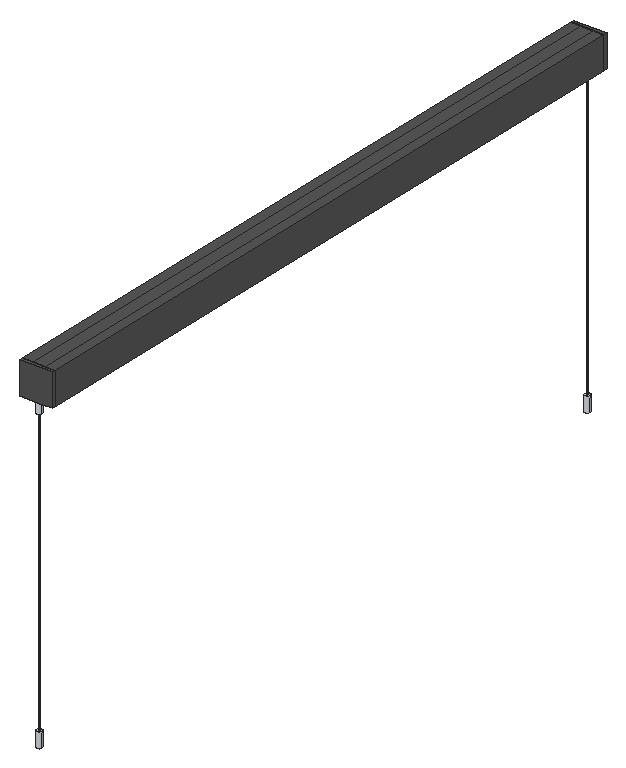
Revit family "EOS2.0m-P-I", category Lighting Fixtures, host Face, Revit 2018
Family settings
  Host = Face
  Round Connector Dimension = Use Diameter
  Part Type = Normal
  Cut with Voids When Loaded = No
  Light Source = Yes
  Shared = Yes
  Room Calculation Point = Yes
Parameters (values of type "4' Indirect")
  Wattage = 17.6471 W
  built-in parameter 1150110 = 1 (stored number, unit not read)
  Voltage = 0 V
  Type Comments = "LUX ILLUMINAIRE"
  built-in parameter 1114217 = 1 (stored number, unit not read)
  Tilt Angle = 90.00°
  built-in parameter 1150109 = 1 (stored number, unit not read)
  built-in parameter 1150134 = 12
  Switch Leg Visibility = no
  Switch Leg [instance] = ""
  Suspension Length [instance] = 2' - 0"
  built-in parameter 1150113 = 1 (stored number, unit not read)
  Photometric Web File = "EOS2.0m-P-I-LAM-375-4-40K-8-UNV-S1.ies"
  Material [instance] = LUX ILLUMINAIRE Black
  Manufacturer = ""
  built-in parameter 1150105 = 119.37 (stored number, unit not read)
  Lumens = 1500 lm
  built-in parameter 1150115 = 1 (stored number, unit not read)
  built-in parameter 1150137 = (empty or 0)
  built-in parameter 1150139 = (empty or 0)
  built-in parameter 1150112 = 1 (stored number, unit not read)
  built-in parameter 1150114 = 1 (stored number, unit not read)
  Lamp = "LED"
  built-in parameter 1150132 = 2
  built-in parameter 1150102 = (empty or 0)
  built-in parameter 1150107 = 4000 (stored number, unit not read)
  built-in parameter 1150138 = (empty or 0)
  built-in parameter 1150106 = 1.1937 (stored number, unit not read)
  Fixture Width = 0' - 2 1/4"  # constant formula
  Fixture Symbol Visiblity = yes
  Fixture Length = 4' - 0"
  Emit from Rectangle Width = Fixture Width - 0' 0" - 0' 0 1/2"  # 0' - 1 3/4"
  Emit from Rectangle Length = Fixture Length - 0' 0" - 0' 0 1/2"  # 3' - 11 1/2"
  Emit Shape Visible in Rendering = yes
  Emergency Lighting [instance] = no
  built-in parameter 1150104 = 7.8968 (stored number, unit not read)
  Dimming Lamp Color Temperature Shift = <None>
  Default Elevation = 4' - 0"
  Color Filter = 16777215
  built-in parameter 1140040 [instance] = 1
  built-in parameter 1114218 = 1 (stored number, unit not read)
  built-in parameter 1150133 = 10 (stored number, unit not read)
  Apparent Load = 10.7 VA
Types (7): name | Wattage | Type Comments | Manufacturer | built-in parameter 1150105 | Lumens | built-in parameter 1150106 | Fixture Length | Emit from Rectangle Length | Apparent Load
  3' Indirect | 13.2353 W | "LUX ILLUMINAIRE" | "" | 89.525 (stored number, unit not read) | 1125 lm | 0.89525 (stored number, unit not read) | 3' - 0" | 2' - 11 1/2" | 8 VA
  4' Indirect | 17.6471 W | "LUX ILLUMINAIRE" | "" | 119.37 (stored number, unit not read) | 1500 lm | 1.1937 (stored number, unit not read) | 4' - 0" | 3' - 11 1/2" | 10.7 VA
  5' Indirect | 22.0588 W | "LUX ILLUMINAIRE" | "" | 149.21 (stored number, unit not read) | 1875 lm | 1.4921 (stored number, unit not read) | 5' - 0" | 4' - 11 1/2" | 13.3 VA
  6' Indirect | 26.4706 W | 0' - 0" | "LUX ILLUMINAIRE" | 179.05 (stored number, unit not read) | 2250 lm | 1.7905 (stored number, unit not read) | 6' - 0" | 5' - 11 1/2" | 16 VA
  7' Indirect | 30.8824 W | 0' - 0" | "LUX ILLUMINAIRE" | 208.89 (stored number, unit not read) | 2625 lm | 2.0889 (stored number, unit not read) | 7' - 0" | 6' - 11 1/2" | 18.7 VA
  8' Indirect | 35.2941 W | 0' - 0" | "LUX ILLUMINAIRE" | 238.73 (stored number, unit not read) | 3000 lm | 2.3873 (stored number, unit not read) | 8' - 0" | 7' - 11 1/2" | 21.4 VA
  2' Indirect | 8.82353 W | "LUX ILLUMINAIRE" | "" | 59.683 (stored number, unit not read) | 750 lm | 0.59683 (stored number, unit not read) | 2' - 0" | 1' - 11 1/2" | 5.4 VA
Reference planes (in)
  plane 1 "Center (Front/Back)": y = 0
  plane 2: z = 0
  plane 3 "Center (Left/Right)": x = 0
  plane 4: x = 1.125
  plane 5: x = -1.125
  plane 6: y = 24
  plane 7: y = -24
  plane 8: z = 24
  plane 9: y = 24.25
  plane 10: y = -24.25
  plane 11: z = 1
  plane 12: z = 21.73807
  plane 13: z = 20.98807
Forms (in)
  Extrusion 1, solid, material "LUX ILLUMINAIRE Black" <- "Material"
    sketch origin (-0.00025, 0, 44.17554) x (-1, 0, 0) y (0, 0, -1)
      loop
        line (-1.12525, 20.17554) -> (-0.437, 20.17554) -> (0.438, 20.17554) -> (1.12626, 20.17554) -> (1.12626, 22.43897) -> (1.04127, 22.43897) -> (1.04127, 22.32597) -> (0.88928, 22.34394) -> (-0.8887, 22.34394) -> (-1.04026, 22.32597) -> (-1.04026, 22.43897) -> (-1.12525, 22.43897) -> (-1.12525, 20.17554)
    from -24 to 24
  Extrusion 2, solid, material "LUX ILLUMINAIRE Black" <- "Material"
    sketch origin (0, 0, 0) x (1, 0, 0) y (0, 0, 1)
      loop
        line (-1.12525, 24) -> (-1.12525, 21.73657) -> (-0.437, 21.73657) -> (0.438, 21.73657) -> (1.12626, 21.73657) -> (1.12626, 24) -> (-1.12525, 24)
    from 24 to 24.25
  Extrusion 3, solid
    sketch origin (0, 0, 0) x (1, 0, 0) y (0, 1, 0)
      loop
        circle (0.00029, -24) r 0.1875
    from 0 to 1
  Extrusion 4, solid
    sketch origin (0, 0, 0) x (1, 0, 0) y (0, 1, 0)
      loop
        circle (0.0005, -24) r 0.03125
    from 1 to 20.98807
  Extrusion 5, solid
    sketch origin (0, 0, 0) x (1, 0, 0) y (0, 1, 0)
      loop
        circle (0.0005, -24) r 0.18729
    from 20.98807 to 21.73807
  Extrusion 6, solid, not visible
    sketch origin (0, 0, 0) x (1, 0, 0) y (0, 1, 0)
      loop
        circle (0.00029, -24) r 0.1875
    from 0 to 1
  Extrusion 7, solid, not visible
    sketch origin (0, 0, 0) x (1, 0, 0) y (0, 1, 0)
      loop
        circle (0.0005, -24) r 0.03125
    from 1 to 13.33203
  Extrusion 8, solid, not visible
    sketch origin (0, 0, 0) x (1, 0, 0) y (0, 1, 0)
      loop
        circle (0.0005, -24) r 0.18729
    from 13.33203 to 14.08203
  Extrusion 9, solid, material "LUX ILLUMINAIRE Black" <- "Material"
    sketch origin (0.00056, 24, 0) x (1, 0, 0) y (0, 0, -1)
      loop
        line (-1.12556, -24) -> (1.12444, -24) -> (1.12444, -21.73657) -> (0.438, -21.73657) -> (-0.437, -21.73657) -> (-1.12556, -21.73657) -> (-1.12556, -24)
    from 0 to 0.25
  Extrusion 10, solid
    sketch origin (0, 0, 0) x (1, 0, 0) y (0, 1, 0)
      loop
        circle (0.00029, 24) r 0.1875
    from 0 to 1
  Extrusion 11, solid
    sketch origin (0, 0, 0) x (1, 0, 0) y (0, 1, 0)
      loop
        circle (0.0005, 24) r 0.03125
    from 1 to 20.98807
  Extrusion 12, solid
    sketch origin (0, 0, 0) x (1, 0, 0) y (0, 1, 0)
      loop
        circle (0.0005, 24) r 0.18729
    from 20.98807 to 21.73807
Lines and regions (in)
  symbolic lines, visible <- "Fixture Symbol Visiblity"
    curve 1: line (-1.125, 24, 0) -> (1.125, 24, 0)
    curve 2: line (-1.125, -24, 0) -> (-1.125, 24, 0)
    curve 3: line (1.125, -24, 0) -> (-1.125, -24, 0)
    curve 4: line (1.125, 24, 0) -> (1.125, -24, 0)
Dimensions and locks (in)
  plane 5 to plane 4 = 0' - 2 1/4"
  equal spacing: plane 7, plane 1 "Center (Front/Back)", plane 6
  "Fixture Length": plane 7 to plane 6
  plane 8 to host face = 2' - 0"
  locked: plane 6 to plane 9 at 0.25
  locked: plane 10 to plane 7 at 0.25
  "Suspension Length": plane 8 to level
  "Fixture Width": plane 4 to plane 5
  equal spacing: plane 4, plane 3 "Center (Left/Right)", plane 5
  locked: nested 2 to plane 10 at 9.5
  locked: imposter light to plane 12 at 0.01107
  plane 8 to plane 12 to plane 13 = 0' - 2.26193", 0' - 0 3/4"
  aligned and locked: plane 2 to host face
  aligned and locked: level to host face
  aligned and locked: Extrusion 9 to plane 5
  aligned and locked: plane 4 to Extrusion 9
  aligned and locked: plane 6 to Extrusion 9
  aligned and locked: Extrusion 1 to plane 6
  aligned and locked: plane 10 to Extrusion 2
  aligned and locked: Extrusion 2 to plane 7
  aligned and locked: plane 7 to Extrusion 1
  aligned and locked: Extrusion 9 to plane 9
  aligned and locked: plane 12 to Extrusion 12
  aligned and locked: Extrusion 12 to plane 13
  aligned and locked: plane 13 to Extrusion 11
  aligned and locked: plane 12 to Extrusion 5
  aligned and locked: Extrusion 5 to plane 13
  aligned and locked: plane 13 to Extrusion 4
  aligned and locked: plane 7 to nested 1
  aligned and locked: plane 6 to curve 1
  aligned and locked: plane 5 to curve 2
  aligned and locked: curve 3 to plane 7
  aligned and locked: curve 4 to plane 4
  aligned and locked: nested 1 to plane 6
  aligned and locked: plane 8 to Extrusion 9
  aligned and locked: plane 8 to Extrusion 1
  aligned and locked: plane 8 to Extrusion 2
Automatic sketch dimensions
  host sketch curve to host sketch curve = 8' - 0"  (x2)
  Extrusion 2 sketch curve to plane 5 = 0' - 0.00025"
  Extrusion 2 sketch curve to plane 12 = 0' - 0.0015"
  Extrusion 2 sketch curve to plane 3 "Center (Left/Right)" = 0' - 0.437"
  plane 3 "Center (Left/Right)" to Extrusion 2 sketch curve = 0' - 0.438"
  plane 4 to Extrusion 2 sketch curve = 0' - 0.00126"
  plane 8 to Extrusion 2 sketch curve = 0' - 0"
  plane 5 to Extrusion 9 sketch curve = 0' - 0"
  Extrusion 9 sketch curve to plane 12 = 0' - 0.0015"
  Extrusion 9 sketch curve to plane 3 "Center (Left/Right)" = 0' - 0.43644"
  plane 3 "Center (Left/Right)" to Extrusion 9 sketch curve = 0' - 0.43856"
  plane 4 to Extrusion 9 sketch curve = 0' - 0"
  plane 8 to Extrusion 9 sketch curve = 0' - 0"
  Extrusion 1 sketch curve to plane 4 = 0' - 0"
  Extrusion 1 sketch curve to plane 4 = 0' - 0.08499"
  Extrusion 1 sketch curve to Extrusion 1 sketch curve = 0' - 0.15157"
  plane 8 to Extrusion 1 sketch curve = 0' - 0"
  plane 3 "Center (Left/Right)" to Extrusion 1 sketch curve = 0' - 0.43674"
  Extrusion 1 sketch curve to plane 3 "Center (Left/Right)" = 0' - 0.43826"
  plane 12 to Extrusion 1 sketch curve = 0' - 0.09354"
  plane 5 to Extrusion 1 sketch curve = 0' - 0.23547"
  Extrusion 1 sketch curve to plane 12 = 0' - 0.0015"  (x2)
  plane 5 to Extrusion 1 sketch curve = 0' - 0.08348"
  Extrusion 1 sketch curve to plane 5 = 0' - 0.00152"
  plane 12 to Extrusion 1 sketch curve = 0' - 0.11151"
  plane 12 to Extrusion 1 sketch curve = 0' - 0.1115"
  plane 7 to Extrusion 3 sketch curve = 0' - 0"
  plane 3 "Center (Left/Right)" to Extrusion 3 sketch curve = 0' - 0.00029"
  plane 7 to Extrusion 4 sketch curve = 0' - 0"
  plane 3 "Center (Left/Right)" to Extrusion 4 sketch curve = 0' - 0.0005"
  plane 7 to Extrusion 5 sketch curve = 0' - 0"
  plane 3 "Center (Left/Right)" to Extrusion 5 sketch curve = 0' - 0.0005"
  plane 6 to Extrusion 10 sketch curve = 0' - 0"
  plane 3 "Center (Left/Right)" to Extrusion 10 sketch curve = 0' - 0.00029"
  plane 6 to Extrusion 11 sketch curve = 0' - 0"
  plane 3 "Center (Left/Right)" to Extrusion 11 sketch curve = 0' - 0.0005"
  plane 6 to Extrusion 12 sketch curve = 0' - 0"
  plane 3 "Center (Left/Right)" to Extrusion 12 sketch curve = 0' - 0.0005"
  radius of Extrusion 6 sketch curve = 0' - 0 3/16"
  radius of Extrusion 7 sketch curve = 0' - 0 1/32"
  radius of Extrusion 8 sketch curve = 0' - 0.18729"
  radius of Extrusion 3 sketch curve = 0' - 0 3/16"
  radius of Extrusion 4 sketch curve = 0' - 0 1/32"
  radius of Extrusion 5 sketch curve = 0' - 0.18729"
  radius of Extrusion 10 sketch curve = 0' - 0 3/16"
  radius of Extrusion 11 sketch curve = 0' - 0 1/32"
  radius of Extrusion 12 sketch curve = 0' - 0.18729"
Nested families (in)
  nested 1: "Emergency Symbol Rectangle" at (-10.85752, 0, 0) x (0, 1, 0) z (0, 0, 1), visible <- "Emergency Lighting", type "Emergency Symbol Rectangle"
    with Width 0' - 8.46504", Length 4' - 0"
  nested 2: "Switch Leg Annotation" at (9.99627, -14.75, 0) x (0, 1, 0) z (0, 0, 1), visible <- "Switch Leg Visibility", Switch Leg Annotation <- "Switch Leg", type "Switch Leg Annotation"
    with Switch Leg Annotation ""
Connectors (in)
  electrical at (0.00029, 24, 0), driven by "Apparent Load", driven by "Voltage"
    settings: on Extrusion 10, index 1, voltage 0 V, apparent load 0 VA, apparent load phase1 10.7 VA, apparent load phase2 0 VA, apparent load phase3 0 VA, power factor 1, load classification "Other", number of poles 1, system type 31, power factor state 1, is connector primary yes, connector utility no, sub classification motor no, connector description ""
Definition of nested family "Emergency Symbol Rectangle"
  Parameters (values of type "Emergency Symbol Rectangle")
    Width [instance] = 0' - 8 1/2"
    Length [instance] = 5' - 0"
    Emergency Visibility = no
  Reference planes (in)
    plane 1 "Center (Front/Back)": y = -7.75
    plane 2: z = 0
    plane 3 "Center (Left/Right)": x = -24
    plane 4: x = 24
    plane 5: x = -36
    plane 6: y = -3.5
    plane 7: y = -12
  Lines and regions (in)
    Filled region 1, type "Solid Fill - Black", in view "Ref. Level", detail levels coarse+medium
      outline origin (0, 0.25, 0) x (1, 0, 0) y (0, 1, 0)
        loop
          line (-36, -12.25) -> (24, -12.25) -> (-36, -10.125) -> (-36, -12.25)
  Dimensions and locks (in)
    equal spacing: plane 7, plane 1 "Center (Front/Back)", plane 6
    "Width": plane 7 to plane 6
    "Length": plane 5 to plane 4
    aligned and locked: plane 5 to Filled region 1
  Automatic sketch dimensions
    plane 1 "Center (Front/Back)" to Filled region 1 sketch curve = 0' - 2 1/8"
    Filled region 1 sketch curve to plane 3 "Center (Left/Right)" = 1' - 0"
    Filled region 1 sketch curve to plane 4 = 0' - 0"
    Filled region 1 sketch curve to plane 7 = 0' - 0"
Definition of nested family "Switch Leg Annotation"
  Parameters (values of type "Switch Leg Annotation")
    Switch Leg Annotation [instance] = ""
  Reference planes (in)
    plane 1: y = 0
    plane 2: x = 0
  Text (in)
    label "a" at (0.00527, 0.01239, 0), shows "Switch Leg Annotation"
